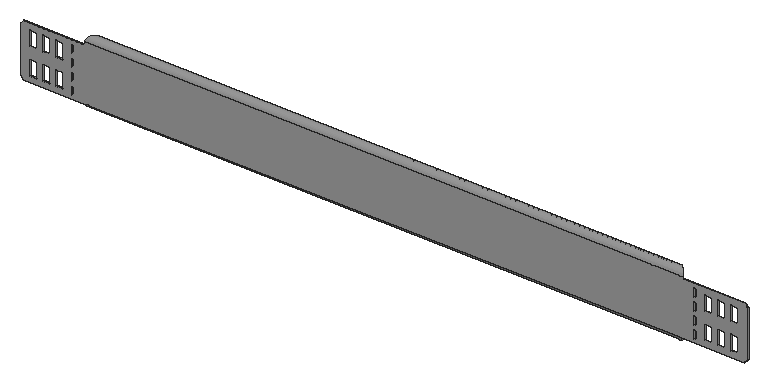
Revit family "Reduzierwinkel_Endabschluss RWEB 660 FS", category Generic Models, Revit 2017
Family settings
  Can host rebar = No
  Round Connector Dimension = Use Diameter
  Part Type = Normal
  Work Plane-Based = No
  Always vertical = Yes
  Cut with Voids When Loaded = No
  Shared = No
  Room Calculation Point = No
Parameters (values of type "RWEB 660 FS")
  URL = "http://www.obo-bettermann.com"
  Material = Strip galvanised
  Manufacturer Art.No. = "7109601"
  Manufacturer = "OBO BETTERMANN"
  GTIN = "4012196241996"
  Cut's number 4 = 4
  Cut's number 3 = 3
  Cut's number 2 = 2
  Cut's number = 11
  Article Type = "RWEB 660 FS"
Reference planes
  plane 1 "Center (Front/Back)": y = 0
  plane 2: z = 0
  plane 3 "Center (Left/Right)": x = 0
  plane 4: y = 12.456
  plane 5: x = 695
  plane 6: z = 2
  plane 7: z = 53
  plane 8: z = 27.5
  plane 9: y = 25
  plane 10: through (347.5, 25, 1200) normal (-0.7071, 0.7071, 0)
  plane 11: through (347.5, 25, 1200) normal (0.7071, -0.7071, 0)
  plane 12: x = 347.5
  plane 13: x = 73.96
  plane 14: x = 621.04
  plane 15: x = 621.04
  plane 16: x = 73.96
  plane 17: x = 73.755
  plane 18: x = 621.245
  plane 19: y = 25
  plane 20: through (372.5, 25, 1200) normal (-0.7071, 0.7071, 0)
  plane 21: through (372.5, 25, 1200) normal (0.7071, -0.7071, 0)
  plane 22: y = 25
  plane 23: through (397.5, 25, 1200) normal (-0.7071, 0.7071, 0)
  plane 24: through (397.5, 25, 1200) normal (0.7071, -0.7071, 0)
  plane 25: y = 25
  plane 26: through (422.5, 25, 1200) normal (-0.7071, 0.7071, 0)
  plane 27: through (422.5, 25, 1200) normal (0.7071, -0.7071, 0)
  plane 28: y = 25
  plane 29: through (447.5, 25, 1200) normal (-0.7071, 0.7071, 0)
  plane 30: through (447.5, 25, 1200) normal (0.7071, -0.7071, 0)
  plane 31: y = 25
  plane 32: through (472.5, 25, 1200) normal (-0.7071, 0.7071, 0)
  plane 33: through (472.5, 25, 1200) normal (0.7071, -0.7071, 0)
  plane 34: y = 25
  plane 35: through (497.5, 25, 1200) normal (-0.7071, 0.7071, 0)
  plane 36: through (497.5, 25, 1200) normal (0.7071, -0.7071, 0)
  plane 37: y = 25
  plane 38: through (522.5, 25, 1200) normal (-0.7071, 0.7071, 0)
  plane 39: through (522.5, 25, 1200) normal (0.7071, -0.7071, 0)
  plane 40: y = 25
  plane 41: through (547.5, 25, 1200) normal (-0.7071, 0.7071, 0)
  plane 42: through (547.5, 25, 1200) normal (0.7071, -0.7071, 0)
  plane 43: y = 25
  plane 44: through (572.5, 25, 1200) normal (-0.7071, 0.7071, 0)
  plane 45: through (572.5, 25, 1200) normal (0.7071, -0.7071, 0)
  plane 46: y = 25
  plane 47: through (597.5, 25, 1200) normal (-0.7071, 0.7071, 0)
  plane 48: through (597.5, 25, 1200) normal (0.7071, -0.7071, 0)
  plane 49: y = 25
  plane 50: through (322.5, 25, 1200) normal (-0.7071, 0.7071, 0)
  plane 51: through (322.5, 25, 1200) normal (0.7071, -0.7071, 0)
  plane 52: y = 25
  plane 53: through (297.5, 25, 1200) normal (-0.7071, 0.7071, 0)
  plane 54: through (297.5, 25, 1200) normal (0.7071, -0.7071, 0)
  plane 55: y = 25
  plane 56: through (272.5, 25, 1200) normal (-0.7071, 0.7071, 0)
  plane 57: through (272.5, 25, 1200) normal (0.7071, -0.7071, 0)
  plane 58: y = 25
  plane 59: through (247.5, 25, 1200) normal (-0.7071, 0.7071, 0)
  plane 60: through (247.5, 25, 1200) normal (0.7071, -0.7071, 0)
  plane 61: y = 25
  plane 62: through (222.5, 25, 1200) normal (-0.7071, 0.7071, 0)
  plane 63: through (222.5, 25, 1200) normal (0.7071, -0.7071, 0)
  plane 64: y = 25
  plane 65: through (197.5, 25, 1200) normal (-0.7071, 0.7071, 0)
  plane 66: through (197.5, 25, 1200) normal (0.7071, -0.7071, 0)
  plane 67: y = 25
  plane 68: through (172.5, 25, 1200) normal (-0.7071, 0.7071, 0)
  plane 69: through (172.5, 25, 1200) normal (0.7071, -0.7071, 0)
  plane 70: y = 25
  plane 71: through (147.5, 25, 1200) normal (-0.7071, 0.7071, 0)
  plane 72: through (147.5, 25, 1200) normal (0.7071, -0.7071, 0)
  plane 73: y = 25
  plane 74: through (122.5, 25, 1200) normal (-0.7071, 0.7071, 0)
  plane 75: through (122.5, 25, 1200) normal (0.7071, -0.7071, 0)
  plane 76: y = 25
  plane 77: through (97.5, 25, 1200) normal (-0.7071, 0.7071, 0)
  plane 78: through (97.5, 25, 1200) normal (0.7071, -0.7071, 0)
  plane 79: z = 27.5
  plane 80: z = 27.5
  plane 81: x = 12.5
  plane 82: z = 15
  plane 83: z = 52.5
  plane 84: x = 12.5
  plane 85: z = 40
  plane 86: z = 27.5
  plane 87: x = 12.5
  plane 88: z = 15
  plane 89: z = 27.5
  plane 90: x = 25.043
  plane 91: z = 15
  plane 92: z = 52.5
  plane 93: x = 25.043
  plane 94: z = 40
  plane 95: z = 27.5
  plane 96: x = 37.585
  plane 97: z = 15
  plane 98: z = 52.5
  plane 99: x = 37.585
  plane 100: z = 40
  plane 101: x = 50
  plane 102: z = 49.5
  plane 103: z = 27.5
  plane 104: x = 682.5
  plane 105: z = 15
  plane 106: z = 52.5
  plane 107: x = 682.5
  plane 108: z = 40
  plane 109: z = 27.5
  plane 110: x = 669.957
  plane 111: z = 15
  plane 112: z = 52.5
  plane 113: x = 669.957
  plane 114: z = 40
  plane 115: z = 27.5
  plane 116: x = 657.415
  plane 117: z = 15
  plane 118: z = 52.5
  plane 119: x = 657.415
  plane 120: z = 40
Forms (mm)
  Extrusion 1, solid, material "Strip galvanised" <- "Material"
    sketch origin (0, 0, 0) x (0, 1, 0) y (0, 0, 1)
      loop
        line (2, 0) -> (40, 0) -> (40, 1) -> (2, 1)
        arc (2, 1) -> (1.293, 1.293) -> (1, 2) r 1
        line (1, 2) -> (1, 55)
        arc (1, 55) -> (3.708, 58.785) -> (8.165, 57.446) r 4
        line (8.165, 57.446) -> (11.749, 53.862) -> (12.456, 54.569) -> (8.914, 58.111)
        arc (8.914, 58.111) -> (3.353, 59.721) -> (0, 55) r 5
        line (0, 55) -> (0, 2)
        arc (0, 2) -> (0.586, 0.586) -> (2, 0) r 2
    from 0 to 695
  Extrusion 2, void
    sketch origin (100, 0, 0) x (1, 0, 0) y (0, 1, 0)
      loop
        line (253.887, 36.312) -> (236.207, 18.632)
        arc (236.207, 18.632) -> (236.19, 13.677) -> (241.146, 13.693) r 3.492
        line (241.146, 13.693) -> (258.825, 31.373)
        arc (258.825, 31.373) -> (258.825, 36.312) -> (253.887, 36.312) r 3.492
    from 0 to 1
  Extrusion 3, void
    sketch origin (0, 0, 0) x (1, 0, 0) y (0, 1, 0)
      loop
        line (73.96, 12.456) -> (0, 12.456) -> (0, 0) -> (61.504, 0) -> (73.96, 12.456)
    from 53 to 60.452
  Extrusion 4, void
    sketch origin (695, 0, 0) x (-1, 0, 0) y (0, -1, 0)
      loop
        line (73.96, -12.456) -> (61.504, 0) -> (0, 0) -> (0, -12.456) -> (73.96, -12.456)
    from 53 to 60.452
  Extrusion 5, void
    sketch origin (0, 0, 0) x (1, 0, 0) y (0, 1, 0)
      loop
        line (73.755, 40) -> (0, 40) -> (0, 0) -> (63.037, 0) -> (73.755, 40)
    from 0 to 2
  Extrusion 6, void
    sketch origin (695, 0, 0) x (-1, 0, 0) y (0, -1, 0)
      loop
        line (73.755, -40) -> (63.037, 0) -> (0, 0) -> (0, -40) -> (73.755, -40)
    from 0 to 2
  Extrusion 7, void
    sketch origin (125, 0, 0) x (1, 0, 0) y (0, 1, 0)
      loop
        line (253.887, 36.312) -> (236.207, 18.632)
        arc (236.207, 18.632) -> (236.19, 13.677) -> (241.146, 13.693) r 3.492
        line (241.146, 13.693) -> (258.825, 31.373)
        arc (258.825, 31.373) -> (258.825, 36.312) -> (253.887, 36.312) r 3.492
    from 0 to 1
  Extrusion 8, void
    sketch origin (150, 0, 0) x (1, 0, 0) y (0, 1, 0)
      loop
        line (253.887, 36.312) -> (236.207, 18.632)
        arc (236.207, 18.632) -> (236.19, 13.677) -> (241.146, 13.693) r 3.492
        line (241.146, 13.693) -> (258.825, 31.373)
        arc (258.825, 31.373) -> (258.825, 36.312) -> (253.887, 36.312) r 3.492
    from 0 to 1
  Extrusion 9, void
    sketch origin (175, 0, 0) x (1, 0, 0) y (0, 1, 0)
      loop
        line (253.887, 36.312) -> (236.207, 18.632)
        arc (236.207, 18.632) -> (236.19, 13.677) -> (241.146, 13.693) r 3.492
        line (241.146, 13.693) -> (258.825, 31.373)
        arc (258.825, 31.373) -> (258.825, 36.312) -> (253.887, 36.312) r 3.492
    from 0 to 1
  Extrusion 10, void
    sketch origin (200, 0, 0) x (1, 0, 0) y (0, 1, 0)
      loop
        line (253.887, 36.312) -> (236.207, 18.632)
        arc (236.207, 18.632) -> (236.19, 13.677) -> (241.146, 13.693) r 3.492
        line (241.146, 13.693) -> (258.825, 31.373)
        arc (258.825, 31.373) -> (258.825, 36.312) -> (253.887, 36.312) r 3.492
    from 0 to 1
  Extrusion 11, void
    sketch origin (225, 0, 0) x (1, 0, 0) y (0, 1, 0)
      loop
        line (253.887, 36.312) -> (236.207, 18.632)
        arc (236.207, 18.632) -> (236.19, 13.677) -> (241.146, 13.693) r 3.492
        line (241.146, 13.693) -> (258.825, 31.373)
        arc (258.825, 31.373) -> (258.825, 36.312) -> (253.887, 36.312) r 3.492
    from 0 to 1
  Extrusion 12, void
    sketch origin (250, 0, 0) x (1, 0, 0) y (0, 1, 0)
      loop
        line (253.887, 36.312) -> (236.207, 18.632)
        arc (236.207, 18.632) -> (236.19, 13.677) -> (241.146, 13.693) r 3.492
        line (241.146, 13.693) -> (258.825, 31.373)
        arc (258.825, 31.373) -> (258.825, 36.312) -> (253.887, 36.312) r 3.492
    from 0 to 1
  Extrusion 13, void
    sketch origin (275, 0, 0) x (1, 0, 0) y (0, 1, 0)
      loop
        line (253.887, 36.312) -> (236.207, 18.632)
        arc (236.207, 18.632) -> (236.19, 13.677) -> (241.146, 13.693) r 3.492
        line (241.146, 13.693) -> (258.825, 31.373)
        arc (258.825, 31.373) -> (258.825, 36.312) -> (253.887, 36.312) r 3.492
    from 0 to 1
  Extrusion 14, void
    sketch origin (300, 0, 0) x (1, 0, 0) y (0, 1, 0)
      loop
        line (253.887, 36.312) -> (236.207, 18.632)
        arc (236.207, 18.632) -> (236.19, 13.677) -> (241.146, 13.693) r 3.492
        line (241.146, 13.693) -> (258.825, 31.373)
        arc (258.825, 31.373) -> (258.825, 36.312) -> (253.887, 36.312) r 3.492
    from 0 to 1
  Extrusion 15, void
    sketch origin (325, 0, 0) x (1, 0, 0) y (0, 1, 0)
      loop
        line (253.887, 36.312) -> (236.207, 18.632)
        arc (236.207, 18.632) -> (236.19, 13.677) -> (241.146, 13.693) r 3.492
        line (241.146, 13.693) -> (258.825, 31.373)
        arc (258.825, 31.373) -> (258.825, 36.312) -> (253.887, 36.312) r 3.492
    from 0 to 1
  Extrusion 16, void
    sketch origin (350, 0, 0) x (1, 0, 0) y (0, 1, 0)
      loop
        line (253.887, 36.312) -> (236.207, 18.632)
        arc (236.207, 18.632) -> (236.19, 13.677) -> (241.146, 13.693) r 3.492
        line (241.146, 13.693) -> (258.825, 31.373)
        arc (258.825, 31.373) -> (258.825, 36.312) -> (253.887, 36.312) r 3.492
    from 0 to 1
  Extrusion 17, void
    sketch origin (75, 0, 0) x (1, 0, 0) y (0, 1, 0)
      loop
        line (253.887, 36.312) -> (236.207, 18.632)
        arc (236.207, 18.632) -> (236.19, 13.677) -> (241.146, 13.693) r 3.492
        line (241.146, 13.693) -> (258.825, 31.373)
        arc (258.825, 31.373) -> (258.825, 36.312) -> (253.887, 36.312) r 3.492
    from 0 to 1
  Extrusion 18, void
    sketch origin (50, 0, 0) x (1, 0, 0) y (0, 1, 0)
      loop
        line (253.887, 36.312) -> (236.207, 18.632)
        arc (236.207, 18.632) -> (236.19, 13.677) -> (241.146, 13.693) r 3.492
        line (241.146, 13.693) -> (258.825, 31.373)
        arc (258.825, 31.373) -> (258.825, 36.312) -> (253.887, 36.312) r 3.492
    from 0 to 1
  Extrusion 19, void
    sketch origin (25, 0, 0) x (1, 0, 0) y (0, 1, 0)
      loop
        line (253.887, 36.312) -> (236.207, 18.632)
        arc (236.207, 18.632) -> (236.19, 13.677) -> (241.146, 13.693) r 3.492
        line (241.146, 13.693) -> (258.825, 31.373)
        arc (258.825, 31.373) -> (258.825, 36.312) -> (253.887, 36.312) r 3.492
    from 0 to 1
  Extrusion 20, void
    sketch origin (0, 0, 0) x (1, 0, 0) y (0, 1, 0)
      loop
        line (253.887, 36.312) -> (236.207, 18.632)
        arc (236.207, 18.632) -> (236.19, 13.677) -> (241.146, 13.693) r 3.492
        line (241.146, 13.693) -> (258.825, 31.373)
        arc (258.825, 31.373) -> (258.825, 36.312) -> (253.887, 36.312) r 3.492
    from 0 to 1
  Extrusion 21, void
    sketch origin (-25, 0, 0) x (1, 0, 0) y (0, 1, 0)
      loop
        line (253.887, 36.312) -> (236.207, 18.632)
        arc (236.207, 18.632) -> (236.19, 13.677) -> (241.146, 13.693) r 3.492
        line (241.146, 13.693) -> (258.825, 31.373)
        arc (258.825, 31.373) -> (258.825, 36.312) -> (253.887, 36.312) r 3.492
    from 0 to 1
  Extrusion 22, void
    sketch origin (-50, 0, 0) x (1, 0, 0) y (0, 1, 0)
      loop
        line (253.887, 36.312) -> (236.207, 18.632)
        arc (236.207, 18.632) -> (236.19, 13.677) -> (241.146, 13.693) r 3.492
        line (241.146, 13.693) -> (258.825, 31.373)
        arc (258.825, 31.373) -> (258.825, 36.312) -> (253.887, 36.312) r 3.492
    from 0 to 1
  Extrusion 23, void
    sketch origin (-75, 0, 0) x (1, 0, 0) y (0, 1, 0)
      loop
        line (253.887, 36.312) -> (236.207, 18.632)
        arc (236.207, 18.632) -> (236.19, 13.677) -> (241.146, 13.693) r 3.492
        line (241.146, 13.693) -> (258.825, 31.373)
        arc (258.825, 31.373) -> (258.825, 36.312) -> (253.887, 36.312) r 3.492
    from 0 to 1
  Extrusion 24, void
    sketch origin (-100, 0, 0) x (1, 0, 0) y (0, 1, 0)
      loop
        line (253.887, 36.312) -> (236.207, 18.632)
        arc (236.207, 18.632) -> (236.19, 13.677) -> (241.146, 13.693) r 3.492
        line (241.146, 13.693) -> (258.825, 31.373)
        arc (258.825, 31.373) -> (258.825, 36.312) -> (253.887, 36.312) r 3.492
    from 0 to 1
  Extrusion 25, void
    sketch origin (-125, 0, 0) x (1, 0, 0) y (0, 1, 0)
      loop
        line (253.887, 36.312) -> (236.207, 18.632)
        arc (236.207, 18.632) -> (236.19, 13.677) -> (241.146, 13.693) r 3.492
        line (241.146, 13.693) -> (258.825, 31.373)
        arc (258.825, 31.373) -> (258.825, 36.312) -> (253.887, 36.312) r 3.492
    from 0 to 1
  Extrusion 26, void
    sketch origin (-150, 0, 0) x (1, 0, 0) y (0, 1, 0)
      loop
        line (253.887, 36.312) -> (236.207, 18.632)
        arc (236.207, 18.632) -> (236.19, 13.677) -> (241.146, 13.693) r 3.492
        line (241.146, 13.693) -> (258.825, 31.373)
        arc (258.825, 31.373) -> (258.825, 36.312) -> (253.887, 36.312) r 3.492
    from 0 to 1
  Extrusion 27, void
    sketch origin (0, 0, 0) x (1, 0, 0) y (0, 0, 1)
      loop
        line (0, 53) -> (0, 49.994) -> (3.006, 53) -> (0, 53)
    from 0 to -1
  Extrusion 28, void
    sketch origin (695, 0, 0) x (-1, 0, 0) y (0, 0, -1)
      loop
        line (0, -53) -> (3.006, -53) -> (0, -49.994) -> (0, -53)
    from 0 to -1
  Extrusion 29, void
    sketch origin (695, 0, 55) x (-1, 0, 0) y (0, 0, -1)
      loop
        line (0, 53) -> (0, 49.994) -> (3.006, 53) -> (0, 53)
    from 0 to -1
  Extrusion 30, void
    sketch origin (0, 0, 55) x (1, 0, 0) y (0, 0, 1)
      loop
        line (0, -53) -> (3.006, -53) -> (0, -49.994) -> (0, -53)
    from 0 to -1
  Extrusion 31, void
    sketch origin (0, 0, 0) x (1, 0, 0) y (0, 0, 1)
      loop
        line (9, 22) -> (9, 8) -> (16, 8) -> (16, 22) -> (9, 22)
    from 0 to -1
  Extrusion 32, void
    sketch origin (0, 0, 25) x (1, 0, 0) y (0, 0, 1)
      loop
        line (9, 22) -> (9, 8) -> (16, 8) -> (16, 22) -> (9, 22)
    from 0 to -1
  Extrusion 33, void, not visible
    sketch origin (0, 0, 0) x (1, 0, 0) y (0, 0, 1)
      loop
        line (9, 22) -> (9, 8) -> (16, 8) -> (16, 22) -> (9, 22)
    from 0 to -1
  Extrusion 34, void
    sketch origin (12.543, 0, 0) x (1, 0, 0) y (0, 0, 1)
      loop
        line (9, 22) -> (9, 8) -> (16, 8) -> (16, 22) -> (9, 22)
    from 0 to -1
  Extrusion 35, void
    sketch origin (12.543, 0, 25) x (1, 0, 0) y (0, 0, 1)
      loop
        line (9, 22) -> (9, 8) -> (16, 8) -> (16, 22) -> (9, 22)
    from 0 to -1
  Extrusion 36, void
    sketch origin (25.085, 0, 0) x (1, 0, 0) y (0, 0, 1)
      loop
        line (9, 22) -> (9, 8) -> (16, 8) -> (16, 22) -> (9, 22)
    from 0 to -1
  Extrusion 37, void
    sketch origin (25.085, 0, 25) x (1, 0, 0) y (0, 0, 1)
      loop
        line (9, 22) -> (9, 8) -> (16, 8) -> (16, 22) -> (9, 22)
    from 0 to -1
  Extrusion 38, void
    sketch origin (0, 0, 0) x (1, 0, 0) y (0, 0, 1)
      loop
        line (48.75, 49.5) -> (48.75, 41.5) -> (51.25, 41.5) -> (51.25, 49.5) -> (48.75, 49.5)
    from 0 to -1
  Extrusion 39, void
    sketch origin (0, 0, -12.045) x (1, 0, 0) y (0, 0, 1)
      loop
        line (48.75, 49.5) -> (48.75, 41.5) -> (51.25, 41.5) -> (51.25, 49.5) -> (48.75, 49.5)
    from 0 to -1
  Extrusion 40, void
    sketch origin (0, 0, -24.089) x (1, 0, 0) y (0, 0, 1)
      loop
        line (48.75, 49.5) -> (48.75, 41.5) -> (51.25, 41.5) -> (51.25, 49.5) -> (48.75, 49.5)
    from 0 to -1
  Extrusion 41, void
    sketch origin (0, 0, -36.134) x (1, 0, 0) y (0, 0, 1)
      loop
        line (48.75, 49.5) -> (48.75, 41.5) -> (51.25, 41.5) -> (51.25, 49.5) -> (48.75, 49.5)
    from 0 to -1
  Extrusion 42, void
    sketch origin (695, 0, 0) x (-1, 0, 0) y (0, 0, -1)
      loop
        line (48.75, -49.5) -> (51.25, -49.5) -> (51.25, -41.5) -> (48.75, -41.5) -> (48.75, -49.5)
    from 0 to -1
  Extrusion 43, void
    sketch origin (695, 0, -12.045) x (-1, 0, 0) y (0, 0, -1)
      loop
        line (48.75, -49.5) -> (51.25, -49.5) -> (51.25, -41.5) -> (48.75, -41.5) -> (48.75, -49.5)
    from 0 to -1
  Extrusion 44, void
    sketch origin (695, 0, -24.089) x (-1, 0, 0) y (0, 0, -1)
      loop
        line (48.75, -49.5) -> (51.25, -49.5) -> (51.25, -41.5) -> (48.75, -41.5) -> (48.75, -49.5)
    from 0 to -1
  Extrusion 45, void
    sketch origin (695, 0, -36.134) x (-1, 0, 0) y (0, 0, -1)
      loop
        line (48.75, -49.5) -> (51.25, -49.5) -> (51.25, -41.5) -> (48.75, -41.5) -> (48.75, -49.5)
    from 0 to -1
  Extrusion 46, void
    sketch origin (695, 0, 0) x (-1, 0, 0) y (0, 0, -1)
      loop
        line (9, -22) -> (16, -22) -> (16, -8) -> (9, -8) -> (9, -22)
    from 0 to -1
  Extrusion 47, void
    sketch origin (695, 0, 25) x (-1, 0, 0) y (0, 0, -1)
      loop
        line (9, -22) -> (16, -22) -> (16, -8) -> (9, -8) -> (9, -22)
    from 0 to -1
  Extrusion 48, void
    sketch origin (682.457, 0, 0) x (-1, 0, 0) y (0, 0, -1)
      loop
        line (9, -22) -> (16, -22) -> (16, -8) -> (9, -8) -> (9, -22)
    from 0 to -1
  Extrusion 49, void
    sketch origin (682.457, 0, 25) x (-1, 0, 0) y (0, 0, -1)
      loop
        line (9, -22) -> (16, -22) -> (16, -8) -> (9, -8) -> (9, -22)
    from 0 to -1
  Extrusion 50, void
    sketch origin (669.915, 0, 0) x (-1, 0, 0) y (0, 0, -1)
      loop
        line (9, -22) -> (16, -22) -> (16, -8) -> (9, -8) -> (9, -22)
    from 0 to -1
  Extrusion 51, void
    sketch origin (669.915, 0, 25) x (-1, 0, 0) y (0, 0, -1)
      loop
        line (9, -22) -> (16, -22) -> (16, -8) -> (9, -8) -> (9, -22)
    from 0 to -1
Cuts and joins
  Extrusion 2, Extrusion 3, Extrusion 4, Extrusion 5, Extrusion 6, Extrusion 7, Extrusion 8, Extrusion 9, Extrusion 10, Extrusion 11, Extrusion 12, Extrusion 13, Extrusion 14, Extrusion 15, Extrusion 16, Extrusion 17, Extrusion 18, Extrusion 19, Extrusion 20, Extrusion 21, Extrusion 22, Extrusion 23, Extrusion 24, Extrusion 25, Extrusion 26, Extrusion 27, Extrusion 28, Extrusion 29, Extrusion 30, Extrusion 31, Extrusion 32, Extrusion 34, Extrusion 35, Extrusion 36, Extrusion 37, Extrusion 38, Extrusion 39, Extrusion 40, Extrusion 41, Extrusion 42, Extrusion 43, Extrusion 44, Extrusion 45, Extrusion 46, Extrusion 47, Extrusion 48, Extrusion 49, Extrusion 50, Extrusion 51 cuts Extrusion 1
Dimensions and locks
  locked: plane 1 "Center (Front/Back)" to plane 4 at 12.456
  locked: Extrusion 1 sketch curve to Extrusion 1 sketch curve at 1  (x3)
  locked: Extrusion 1 sketch curve to Extrusion 1 sketch curve at 40
  locked: plane 1 "Center (Front/Back)" to Extrusion 1 sketch curve at 12.456
  locked: Extrusion 1 sketch curve to Extrusion 1 sketch curve at 60
  locked: plane 3 "Center (Left/Right)" to plane 5 at 695
  locked: cut or joined group 1 (Extrusion 1, Extrusion 2, Extrusion 3, Extrusion 4, Extrusion 5, Extrusion 6, Extrusion 7, Extrusion 8, Extrusion 9, Extrusion 10, Extrusion 11, Extrusion 12, Extrusion 13, Extrusion 14, Extrusion 15, Extrusion 16, Extrusion 17, Extrusion 18, Extrusion 19, Extrusion 20, Extrusion 21, Extrusion 22, Extrusion 23, Extrusion 24, Extrusion 25, Extrusion 26, Extrusion 27, Extrusion 28, Extrusion 29, Extrusion 30, Extrusion 31, Extrusion 32, Extrusion 34, Extrusion 35, Extrusion 36, Extrusion 37, Extrusion 38, Extrusion 39, Extrusion 40, Extrusion 41, Extrusion 42, Extrusion 43, Extrusion 44, Extrusion 45, Extrusion 46, Extrusion 47, Extrusion 48, Extrusion 49, Extrusion 50, Extrusion 51) to plane 6 at 2
  locked: plane 7 to plane 6 at 51
  locked: Extrusion 2 sketch curve to Extrusion 2 sketch curve at 6.984
  locked: Extrusion 2 sketch curve to plane 9 at 12.335
  locked: plane 9 to Extrusion 2 sketch curve at 12.346
  locked: plane 3 "Center (Left/Right)" to plane 12 at 347.5
  locked: plane 17 to plane 12 at 273.745
  locked: cut or joined group 1 to cut or joined group 1 at 51
  locked: Extrusion 7 sketch curve to Extrusion 7 sketch curve at 6.984
  locked: Extrusion 7 sketch curve to plane 19 at 12.335
  locked: plane 19 to Extrusion 7 sketch curve at 12.346
  locked: Extrusion 8 sketch curve to Extrusion 8 sketch curve at 6.984
  locked: Extrusion 8 sketch curve to plane 22 at 12.335
  locked: plane 22 to Extrusion 8 sketch curve at 12.346
  locked: Extrusion 9 sketch curve to Extrusion 9 sketch curve at 6.984
  locked: Extrusion 9 sketch curve to plane 25 at 12.335
  locked: plane 25 to Extrusion 9 sketch curve at 12.346
  locked: Extrusion 10 sketch curve to Extrusion 10 sketch curve at 6.984
  locked: Extrusion 10 sketch curve to plane 28 at 12.335
  locked: plane 28 to Extrusion 10 sketch curve at 12.346
  locked: Extrusion 11 sketch curve to Extrusion 11 sketch curve at 6.984
  locked: Extrusion 11 sketch curve to plane 31 at 12.335
  locked: plane 31 to Extrusion 11 sketch curve at 12.346
  locked: Extrusion 12 sketch curve to Extrusion 12 sketch curve at 6.984
  locked: Extrusion 12 sketch curve to plane 34 at 12.335
  locked: plane 34 to Extrusion 12 sketch curve at 12.346
  locked: Extrusion 13 sketch curve to Extrusion 13 sketch curve at 6.984
  locked: Extrusion 13 sketch curve to plane 37 at 12.335
  locked: plane 37 to Extrusion 13 sketch curve at 12.346
  locked: Extrusion 14 sketch curve to Extrusion 14 sketch curve at 6.984
  locked: Extrusion 14 sketch curve to plane 40 at 12.335
  locked: plane 40 to Extrusion 14 sketch curve at 12.346
  locked: Extrusion 15 sketch curve to Extrusion 15 sketch curve at 6.984
  locked: Extrusion 15 sketch curve to plane 43 at 12.335
  locked: plane 43 to Extrusion 15 sketch curve at 12.346
  locked: Extrusion 16 sketch curve to Extrusion 16 sketch curve at 6.984
  locked: Extrusion 16 sketch curve to plane 46 at 12.335
  locked: plane 46 to Extrusion 16 sketch curve at 12.346
  locked: Extrusion 17 sketch curve to Extrusion 17 sketch curve at 6.984
  locked: Extrusion 17 sketch curve to plane 49 at 12.335
  locked: plane 49 to Extrusion 17 sketch curve at 12.346
  equal spacing: group 21, group 20, group 19, group 18, group 17, group 16, group 15, group 14, group 13, group 12, group 11
  equal spacing: group 11, group 12, group 13, group 14, group 15, group 16, group 17, group 18, group 19, group 20, group 21  (x2)
  locked: Extrusion 18 sketch curve to Extrusion 18 sketch curve at 6.984
  locked: Extrusion 18 sketch curve to plane 52 at 12.335
  locked: plane 52 to Extrusion 18 sketch curve at 12.346
  locked: Extrusion 19 sketch curve to Extrusion 19 sketch curve at 6.984
  locked: Extrusion 19 sketch curve to plane 55 at 12.335
  locked: plane 55 to Extrusion 19 sketch curve at 12.346
  locked: Extrusion 20 sketch curve to Extrusion 20 sketch curve at 6.984
  locked: Extrusion 20 sketch curve to plane 58 at 12.335
  locked: plane 58 to Extrusion 20 sketch curve at 12.346
  locked: Extrusion 21 sketch curve to Extrusion 21 sketch curve at 6.984
  locked: Extrusion 21 sketch curve to plane 61 at 12.335
  locked: plane 61 to Extrusion 21 sketch curve at 12.346
  locked: Extrusion 22 sketch curve to Extrusion 22 sketch curve at 6.984
  locked: Extrusion 22 sketch curve to plane 64 at 12.335
  locked: plane 64 to Extrusion 22 sketch curve at 12.346
  locked: Extrusion 23 sketch curve to Extrusion 23 sketch curve at 6.984
  locked: Extrusion 23 sketch curve to plane 67 at 12.335
  locked: plane 67 to Extrusion 23 sketch curve at 12.346
  locked: Extrusion 24 sketch curve to Extrusion 24 sketch curve at 6.984
  locked: Extrusion 24 sketch curve to plane 70 at 12.335
  locked: plane 70 to Extrusion 24 sketch curve at 12.346
  locked: Extrusion 25 sketch curve to Extrusion 25 sketch curve at 6.984
  locked: Extrusion 25 sketch curve to plane 73 at 12.335
  locked: plane 73 to Extrusion 25 sketch curve at 12.346
  locked: Extrusion 26 sketch curve to Extrusion 26 sketch curve at 6.984
  locked: Extrusion 26 sketch curve to plane 76 at 12.335
  locked: plane 76 to Extrusion 26 sketch curve at 12.346
  locked: Extrusion 31 sketch curve to Extrusion 31 sketch curve at 7
  locked: plane 81 to Extrusion 31 sketch curve at 3.5
  locked: Extrusion 31 sketch curve to Extrusion 31 sketch curve at 14
  locked: plane 82 to Extrusion 31 sketch curve at 7
  locked: Extrusion 32 sketch curve to Extrusion 32 sketch curve at 7
  locked: plane 84 to Extrusion 32 sketch curve at 3.5
  locked: Extrusion 32 sketch curve to Extrusion 32 sketch curve at 14
  locked: plane 85 to Extrusion 32 sketch curve at 7
  locked: Extrusion 33 sketch curve to Extrusion 33 sketch curve at 7
  locked: plane 87 to Extrusion 33 sketch curve at 3.5
  locked: Extrusion 33 sketch curve to Extrusion 33 sketch curve at 14
  locked: plane 88 to Extrusion 33 sketch curve at 7
  locked: Extrusion 34 sketch curve to Extrusion 34 sketch curve at 7
  locked: plane 90 to Extrusion 34 sketch curve at 3.5
  locked: Extrusion 34 sketch curve to Extrusion 34 sketch curve at 14
  locked: plane 91 to Extrusion 34 sketch curve at 7
  locked: Extrusion 35 sketch curve to Extrusion 35 sketch curve at 7
  locked: plane 93 to Extrusion 35 sketch curve at 3.5
  locked: Extrusion 35 sketch curve to Extrusion 35 sketch curve at 14
  locked: plane 94 to Extrusion 35 sketch curve at 7
  locked: Extrusion 36 sketch curve to Extrusion 36 sketch curve at 7
  locked: plane 96 to Extrusion 36 sketch curve at 3.5
  locked: Extrusion 36 sketch curve to Extrusion 36 sketch curve at 14
  locked: plane 97 to Extrusion 36 sketch curve at 7
  locked: Extrusion 37 sketch curve to Extrusion 37 sketch curve at 7
  locked: plane 99 to Extrusion 37 sketch curve at 3.5
  locked: Extrusion 37 sketch curve to Extrusion 37 sketch curve at 14
  locked: plane 100 to Extrusion 37 sketch curve at 7
  locked: plane 101 to plane 3 "Center (Left/Right)" at 50
  locked: Extrusion 38 sketch curve to Extrusion 38 sketch curve at 8
  locked: Extrusion 38 sketch curve to Extrusion 38 sketch curve at 2.5
  locked: Extrusion 39 sketch curve to Extrusion 39 sketch curve at 8
  locked: Extrusion 39 sketch curve to Extrusion 39 sketch curve at 2.5
  locked: Extrusion 40 sketch curve to Extrusion 40 sketch curve at 8
  locked: Extrusion 40 sketch curve to Extrusion 40 sketch curve at 2.5
  locked: Extrusion 41 sketch curve to Extrusion 41 sketch curve at 8
  locked: Extrusion 41 sketch curve to Extrusion 41 sketch curve at 2.5
  locked: Extrusion 42 sketch curve to Extrusion 42 sketch curve at 8
  locked: Extrusion 42 sketch curve to Extrusion 42 sketch curve at 2.5
  locked: Extrusion 43 sketch curve to Extrusion 43 sketch curve at 8
  locked: Extrusion 43 sketch curve to Extrusion 43 sketch curve at 2.5
  locked: Extrusion 44 sketch curve to Extrusion 44 sketch curve at 8
  locked: Extrusion 44 sketch curve to Extrusion 44 sketch curve at 2.5
  locked: Extrusion 45 sketch curve to Extrusion 45 sketch curve at 8
  locked: Extrusion 45 sketch curve to Extrusion 45 sketch curve at 2.5
  locked: Extrusion 46 sketch curve to Extrusion 46 sketch curve at 7
  locked: plane 104 to Extrusion 46 sketch curve at 3.5
  locked: Extrusion 46 sketch curve to Extrusion 46 sketch curve at 14
  locked: Extrusion 46 sketch curve to plane 105 at 7
  locked: Extrusion 47 sketch curve to Extrusion 47 sketch curve at 7
  locked: plane 107 to Extrusion 47 sketch curve at 3.5
  locked: Extrusion 47 sketch curve to Extrusion 47 sketch curve at 14
  locked: Extrusion 47 sketch curve to plane 108 at 7
  locked: Extrusion 48 sketch curve to Extrusion 48 sketch curve at 7
  locked: plane 110 to Extrusion 48 sketch curve at 3.5
  locked: Extrusion 48 sketch curve to Extrusion 48 sketch curve at 14
  locked: Extrusion 48 sketch curve to plane 111 at 7
  locked: Extrusion 49 sketch curve to Extrusion 49 sketch curve at 7
  locked: plane 113 to Extrusion 49 sketch curve at 3.5
  locked: Extrusion 49 sketch curve to Extrusion 49 sketch curve at 14
  locked: Extrusion 49 sketch curve to plane 114 at 7
  locked: Extrusion 50 sketch curve to Extrusion 50 sketch curve at 7
  locked: plane 116 to Extrusion 50 sketch curve at 3.5
  locked: Extrusion 50 sketch curve to Extrusion 50 sketch curve at 14
  locked: Extrusion 50 sketch curve to plane 117 at 7
  locked: Extrusion 51 sketch curve to Extrusion 51 sketch curve at 7
  locked: plane 119 to Extrusion 51 sketch curve at 3.5
  locked: Extrusion 51 sketch curve to Extrusion 51 sketch curve at 14
  locked: plane 120 to Extrusion 51 sketch curve at 7
  radius of Extrusion 1 sketch curve = 4 mm
  aligned and locked: level to plane 2
  aligned and locked: Extrusion 1 to level
  aligned and locked: plane 1 "Center (Front/Back)" to Extrusion 1
  aligned and locked: plane 5 to Extrusion 1
  aligned and locked: Extrusion 1 to plane 3 "Center (Left/Right)"
  aligned and locked: Extrusion 3 to plane 7
  aligned and locked: Extrusion 5 to level
  aligned and locked: Extrusion 5 to plane 6
  aligned and locked: plane 1 "Center (Front/Back)" to Extrusion 27
  aligned and locked: Extrusion 1 to Extrusion 27
  aligned and locked: plane 1 "Center (Front/Back)" to Extrusion 31
  aligned and locked: Extrusion 1 to Extrusion 31
  aligned and locked: plane 1 "Center (Front/Back)" to Extrusion 38
  aligned and locked: Extrusion 1 to Extrusion 38
Automatic sketch dimensions
  Extrusion 2 sketch curve to Extrusion 2 sketch curve = 2.453 mm  (x2)
  Extrusion 2 sketch curve to Extrusion 2 sketch curve = 2.469 mm
  plane 10 to Extrusion 2 sketch curve = 3.483 mm
  Extrusion 7 sketch curve to Extrusion 7 sketch curve = 2.453 mm  (x2)
  Extrusion 7 sketch curve to Extrusion 7 sketch curve = 2.469 mm
  plane 20 to Extrusion 7 sketch curve = 3.483 mm
  Extrusion 8 sketch curve to Extrusion 8 sketch curve = 2.453 mm  (x2)
  Extrusion 8 sketch curve to Extrusion 8 sketch curve = 2.469 mm
  plane 23 to Extrusion 8 sketch curve = 3.483 mm
  Extrusion 9 sketch curve to Extrusion 9 sketch curve = 2.453 mm  (x2)
  Extrusion 9 sketch curve to Extrusion 9 sketch curve = 2.469 mm
  plane 26 to Extrusion 9 sketch curve = 3.483 mm
  Extrusion 10 sketch curve to Extrusion 10 sketch curve = 2.453 mm  (x2)
  Extrusion 10 sketch curve to Extrusion 10 sketch curve = 2.469 mm
  plane 29 to Extrusion 10 sketch curve = 3.483 mm
  Extrusion 11 sketch curve to Extrusion 11 sketch curve = 2.453 mm  (x2)
  Extrusion 11 sketch curve to Extrusion 11 sketch curve = 2.469 mm
  plane 32 to Extrusion 11 sketch curve = 3.483 mm
  Extrusion 12 sketch curve to Extrusion 12 sketch curve = 2.453 mm  (x2)
  Extrusion 12 sketch curve to Extrusion 12 sketch curve = 2.469 mm
  plane 35 to Extrusion 12 sketch curve = 3.483 mm
  Extrusion 13 sketch curve to Extrusion 13 sketch curve = 2.453 mm  (x2)
  Extrusion 13 sketch curve to Extrusion 13 sketch curve = 2.469 mm
  plane 38 to Extrusion 13 sketch curve = 3.483 mm
  Extrusion 14 sketch curve to Extrusion 14 sketch curve = 2.453 mm  (x2)
  Extrusion 14 sketch curve to Extrusion 14 sketch curve = 2.469 mm
  plane 41 to Extrusion 14 sketch curve = 3.483 mm
  Extrusion 15 sketch curve to Extrusion 15 sketch curve = 2.453 mm  (x2)
  Extrusion 15 sketch curve to Extrusion 15 sketch curve = 2.469 mm
  plane 44 to Extrusion 15 sketch curve = 3.483 mm
  Extrusion 16 sketch curve to Extrusion 16 sketch curve = 2.453 mm  (x2)
  Extrusion 16 sketch curve to Extrusion 16 sketch curve = 2.469 mm
  plane 47 to Extrusion 16 sketch curve = 3.483 mm
  Extrusion 17 sketch curve to Extrusion 17 sketch curve = 2.453 mm  (x2)
  Extrusion 17 sketch curve to Extrusion 17 sketch curve = 2.469 mm
  plane 50 to Extrusion 17 sketch curve = 3.483 mm
  Extrusion 18 sketch curve to Extrusion 18 sketch curve = 2.453 mm  (x2)
  Extrusion 18 sketch curve to Extrusion 18 sketch curve = 2.469 mm
  plane 53 to Extrusion 18 sketch curve = 3.483 mm
  Extrusion 19 sketch curve to Extrusion 19 sketch curve = 2.453 mm  (x2)
  Extrusion 19 sketch curve to Extrusion 19 sketch curve = 2.469 mm
  plane 56 to Extrusion 19 sketch curve = 3.483 mm
  Extrusion 20 sketch curve to Extrusion 20 sketch curve = 2.453 mm  (x2)
  Extrusion 20 sketch curve to Extrusion 20 sketch curve = 2.469 mm
  plane 59 to Extrusion 20 sketch curve = 3.483 mm
  Extrusion 21 sketch curve to Extrusion 21 sketch curve = 2.453 mm  (x2)
  Extrusion 21 sketch curve to Extrusion 21 sketch curve = 2.469 mm
  plane 62 to Extrusion 21 sketch curve = 3.483 mm
  Extrusion 22 sketch curve to Extrusion 22 sketch curve = 2.453 mm  (x2)
  Extrusion 22 sketch curve to Extrusion 22 sketch curve = 2.469 mm
  plane 65 to Extrusion 22 sketch curve = 3.483 mm
  Extrusion 23 sketch curve to Extrusion 23 sketch curve = 2.453 mm  (x2)
  Extrusion 23 sketch curve to Extrusion 23 sketch curve = 2.469 mm
  plane 68 to Extrusion 23 sketch curve = 3.483 mm
  Extrusion 24 sketch curve to Extrusion 24 sketch curve = 2.453 mm  (x2)
  Extrusion 24 sketch curve to Extrusion 24 sketch curve = 2.469 mm
  plane 71 to Extrusion 24 sketch curve = 3.483 mm
  Extrusion 25 sketch curve to Extrusion 25 sketch curve = 2.453 mm  (x2)
  Extrusion 25 sketch curve to Extrusion 25 sketch curve = 2.469 mm
  plane 74 to Extrusion 25 sketch curve = 3.483 mm
  Extrusion 26 sketch curve to Extrusion 26 sketch curve = 2.453 mm  (x2)
  Extrusion 26 sketch curve to Extrusion 26 sketch curve = 2.469 mm
  plane 77 to Extrusion 26 sketch curve = 3.483 mm
  Extrusion 38 sketch curve to plane 102 = 0 mm
  Extrusion 38 sketch curve to plane 101 = 1.25 mm
  Extrusion 39 sketch curve to plane 101 = 1.25 mm
  plane 8 to Extrusion 39 sketch curve = 1.955 mm
  Extrusion 40 sketch curve to plane 101 = 1.25 mm
  Extrusion 40 sketch curve to plane 8 = 10.089 mm
  Extrusion 1 sketch curve to Extrusion 1 sketch curve = 0 mm  (x4)
  Extrusion 1 sketch curve to plane 1 "Center (Front/Back)" = 0 mm
  Extrusion 1 sketch curve to plane 6 = 0 mm
  Extrusion 1 sketch curve to level = 0 mm
  Extrusion 1 sketch curve to Extrusion 1 sketch curve = 3.165 mm
  level to Extrusion 1 sketch curve = 58.111 mm
  Extrusion 3 sketch curve to plane 3 "Center (Left/Right)" = 0 mm
  plane 1 "Center (Front/Back)" to Extrusion 3 sketch curve = 0 mm
  Extrusion 3 sketch curve to plane 13 = 0 mm
  plane 101 to Extrusion 3 sketch curve = 11.504 mm
  Extrusion 3 sketch curve to plane 1 "Center (Front/Back)" = 12.456 mm
  Extrusion 4 sketch curve to plane 5 = 0 mm
  plane 1 "Center (Front/Back)" to Extrusion 4 sketch curve = 0 mm
  Extrusion 4 sketch curve to plane 15 = 0 mm
  plane 15 to Extrusion 4 sketch curve = 12.456 mm
  plane 1 "Center (Front/Back)" to Extrusion 4 sketch curve = 12.456 mm
  Extrusion 5 sketch curve to plane 3 "Center (Left/Right)" = 0 mm
  plane 1 "Center (Front/Back)" to Extrusion 5 sketch curve = 0 mm
  Extrusion 5 sketch curve to plane 17 = 0 mm
  Extrusion 5 sketch curve to plane 17 = 10.718 mm
  Extrusion 5 sketch curve to plane 1 "Center (Front/Back)" = 40 mm
  Extrusion 6 sketch curve to plane 5 = 0 mm
  plane 1 "Center (Front/Back)" to Extrusion 6 sketch curve = 0 mm
  Extrusion 6 sketch curve to plane 18 = 0 mm
  plane 18 to Extrusion 6 sketch curve = 10.718 mm
  plane 1 "Center (Front/Back)" to Extrusion 6 sketch curve = 40 mm
  Extrusion 27 sketch curve to plane 3 "Center (Left/Right)" = 0 mm
  Extrusion 27 sketch curve to plane 7 = 0 mm
  plane 3 "Center (Left/Right)" to Extrusion 27 sketch curve = 3.006 mm
  plane 102 to Extrusion 27 sketch curve = 0.494 mm
  Extrusion 28 sketch curve to plane 5 = 0 mm
  Extrusion 28 sketch curve to plane 7 = 0 mm
  plane 5 to Extrusion 28 sketch curve = 3.006 mm
  Extrusion 28 sketch curve to plane 102 = 0.494 mm
  Extrusion 29 sketch curve to plane 5 = 0 mm
  Extrusion 29 sketch curve to plane 6 = 0 mm
  Extrusion 29 sketch curve to Extrusion 29 sketch curve = 3.006 mm
  plane 6 to Extrusion 29 sketch curve = 3.006 mm
  Extrusion 30 sketch curve to plane 3 "Center (Left/Right)" = 0 mm
  Extrusion 30 sketch curve to plane 6 = 0 mm
  Extrusion 30 sketch curve to plane 3 "Center (Left/Right)" = 3.006 mm
  Extrusion 30 sketch curve to plane 6 = 3.006 mm
  Extrusion 41 sketch curve to plane 101 = 1.25 mm
  plane 6 to Extrusion 41 sketch curve = 3.366 mm
  Extrusion 42 sketch curve to plane 102 = 0 mm
  Extrusion 42 sketch curve to plane 5 = 48.75 mm
  plane 8 to Extrusion 43 sketch curve = 1.955 mm
  Extrusion 43 sketch curve to plane 5 = 48.75 mm
  Extrusion 44 sketch curve to plane 8 = 10.089 mm
  Extrusion 44 sketch curve to plane 5 = 48.75 mm
  plane 6 to Extrusion 45 sketch curve = 3.366 mm
  Extrusion 45 sketch curve to plane 5 = 48.75 mm
